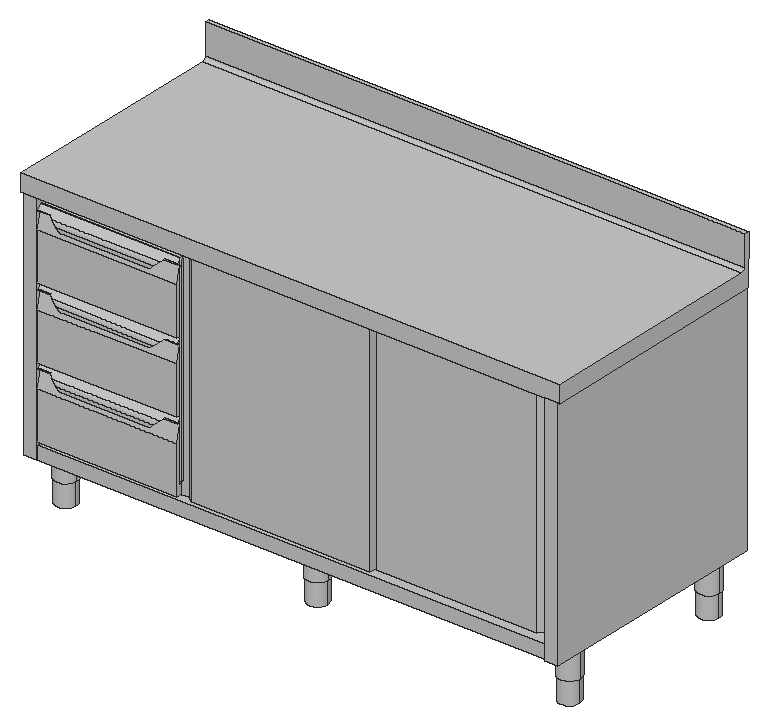
Revit family "QF_ZANUSSI_133170_NTA1610SXP", category Attrezzature speciali, Revit 2020
Family settings
  Quota connettore circolare = Usa diametro
  Tipo di parte = Normale
  Basato su piano di lavoro = No
  Sempre verticale = Sì
  Taglio con vuoti quando caricato = No
  Condiviso = No
  Punto di calcolo locali = No
Parameters (values of type "Standard")
  Weight = 70.00 kg
  Watts = 0 W
  Volts = 0 V
  URL Manufacturer = "http://www.zanussiprofessional.com"
  URL = "http://www.zanussiprofessional.com"
  Steam Supply Size = 0 mm
  Steam Supply Minimum Pressure = 0.0 Pa
  Steam Supply Maximum Pressure = 0.0 Pa
  Steam Consumption per Hour = 0
  Refrigeration Suction Line Size = 0.0 mm
  Refrigeration Liquid Line Size = 0.0 mm
  Refrigerant Compressor Remote = yes
  Prospetto di default = 0.0 mm
  Phase = 0
  Modello = "NTA1610SXP"
  Produttore = "Zanussi"
  Length Actual = 1600.0 mm  # constant formula
  Item Number = "133170"
  Hot Water Size = 0 mm
  Height Actual = 1000.0 mm  # constant formula
  HP = "0 HP"
  Gas Size = 0 mm
  Gas KW = 0
  Gas Input Pressure = 0 W
  Direct Waste Size = 0 mm
  Descrizione = "TABLE+SPLBACK3L/H DRAW 2SLID.DOORS1600MM"
  Depth Actual = 700.0 mm  # constant formula
  Cycle = 0 Hz
  Condensate Return Size = 0 mm
  Compressed Air Volume = 0.0 L/s
  Compressed Air Size = 0 mm
  Compressed Air Pressure = 0.0 Pa
  Cold Water Size = 0 mm
  Accessory = yes
Reference planes
  plane 1 "Center (Front/Back)": y = 0
  plane 2: z = 0
  plane 3 "BACK": y = 350
  plane 4 "FRONT": y = -350
  plane 5 "TOP": z = 900
  plane 6: y = 270
  plane 7: y = -247
  plane 8 "FEET": z = 150
  plane 9: y = -344.5
  plane 10 "BaseTop": z = 850
  plane 11: y = 344.5
  plane 12: z = 1000
  plane 13 "Center (Left/Right)": x = -200
  plane 14: x = 9
  plane 15 "Right": x = 600
  plane 16 "Left": x = -1000
  plane 17: x = 554
  plane 18: x = -954
  plane 19: x = 556.5
  plane 20: x = -538.5
  plane 21: x = 33.5
  plane 22: x = -15.5
  plane 23: x = 594.5
  plane 24: x = -536
  plane 25: x = -956.5
  plane 26: x = 547
  plane 27: x = -947
  plane 28: x = -994.5
Forms (mm)
  Extrusion 1, solid, material "QF_Finishes_Stainless Steel"
    sketch origin (-400, 0, 150) x (1, 0, 0) y (0, 1, 0)
      loop
        line (994.5, 350) -> (956.5, 350) -> (956.5, -350) -> (994.5, -350) -> (994.5, 350)
      loop
        line (-556.4, 350) -> (-594.5, 350) -> (-594.5, -344.5) -> (-556.4, -344.5) -> (-556.4, 350)
    from 0 to 700
  Extrusion 2, solid, material "QF_Finishes_Stainless Steel"
    sketch origin (-400, 0, 150) x (1, 0, 0) y (0, 1, 0)
      loop
        line (956.5, 347) -> (-556.5, 347) -> (-556.5, -344.5) -> (956.5, -344.5) -> (956.5, 347)
    from 0 to 40
  Extrusion 3, solid, material "QF_Finishes_Stainless Steel"
    sketch origin (-433, 0, 150) x (1, 0, 0) y (0, 1, 0)
      loop
        line (417.5, -324.5) -> (946.034, -324.5) -> (966.034, -307.5) -> (985, -307.5) -> (985, -315.812) -> (976.312, -324.5) -> (977.942, -326.129) -> (987, -317.071) -> (987, -304.5) -> (417.5, -304.5) -> (417.5, -324.5)
    from 700 to 50
  Extrusion 4, void
    sketch origin (-400, -350, 0) x (1, 0, 0) y (0, 0, -1)
      loop
        line (942.418, -247.973) -> (956.5, -229.369) -> (956.5, -191.4) -> (942.418, -191.4) -> (942.418, -247.973)
      loop
        line (942.418, -816.627) -> (942.418, -850) -> (956.5, -850) -> (956.5, -835.231) -> (942.418, -816.627)
    from 20.5 to 40.5
  Extrusion 5, solid, material "QF_Finishes_Stainless Steel"
    sketch origin (-400, 0, 150) x (1, 0, 0) y (0, 1, 0)
      loop
        line (-556.5, 350) -> (-556.5, 327) -> (956.5, 327) -> (956.5, 350) -> (-556.5, 350)
    from 700 to 40
  Extrusion 6, solid, material "QF_Finishes_Stainless Steel"
    sketch origin (9, 0, 0) x (0, 1, 0) y (0, 0, -1)
      loop
        line (-350, -900) -> (327, -900)
        arc (327, -900) -> (334.071, -902.929) -> (337, -910) r 10
        line (337, -910) -> (337, -1000) -> (350, -1000) -> (350, -850) -> (-350, -850) -> (-350, -900)
    from 1009 to -591
  Extrusion 7, solid, material "QF_Finishes_Stainless Steel"
    sketch origin (447, -20, 150) x (-1, 0, 0) y (0, -1, 0)
      loop
        line (413.5, 324.5) -> (413.5, 304.5) -> (983, 304.5) -> (983, 319.071) -> (975.942, 326.129) -> (974.312, 324.5) -> (981, 317.812) -> (981, 309.5) -> (964.034, 309.5) -> (944.034, 324.5) -> (413.5, 324.5)
    from 700 to 50
  Extrusion 8, void
    sketch origin (414, -350, 0) x (-1, 0, 0) y (0, 0, 1)
      loop
        line (940.418, 247.973) -> (940.418, 191.4) -> (952.5, 191.4) -> (952.5, 229.369) -> (940.418, 247.973)
      loop
        line (940.418, 816.627) -> (952.5, 835.231) -> (952.5, 850) -> (940.418, 850) -> (940.418, 816.627)
    from 2.49 to 20.5
  Extrusion 9, solid, material "QF_Finishes_Stainless Steel"
    sketch origin (0, 0, 850) x (-1, 0, 0) y (0, -1, 0)
      loop
        line (-556.5, 304.5) -> (-556.5, 299.5) -> (-554, 299.5) -> (-554, 304.5) -> (-556.5, 304.5)
    from 0 to -2
Cuts and joins
  Extrusion 4 cuts Extrusion 1
  Extrusion 4 cuts Extrusion 3
  Extrusion 4 cuts Extrusion 6
  Extrusion 8 cuts Extrusion 7
Lines and regions (mm)
  symbolic lines, style "SpecialityEquipment"
    curve 1: line (-1000, 350, 850) -> (600, 350, 850)
    curve 2: line (-1000, -350, 850) -> (-1000, 350, 850)
    curve 3: line (600, -350, 850) -> (-1000, -350, 850)
    curve 4: line (600, 350, 850) -> (600, -350, 850)
    curve 10: line (-1000, 337, 850) -> (600, 337, 850)
  symbolic lines, style "SpecialityEquipmentHiddenLines"
    curve 5: line (33.5, -324.5, 200) -> (33.5, -344.5, 200)
    curve 6: line (-431.5, -344.5, 850) -> (99.034, -344.5, 850)
    curve 7: line (99.034, -344.5, 850) -> (119.034, -329.5, 850)
    curve 8: line (119.034, -329.5, 850) -> (138, -329.5, 850)
    curve 9: line (138, -329.5, 850) -> (138, -324.5, 850)
    curve 11: line (554, -304.5, 850) -> (-15.5, -304.5, 850)
    curve 12: line (-15.5, -304.5, 850) -> (-15.5, -324.5, 850)
    curve 13: line (-536, -324.5, 850) -> (513.034, -324.5, 850)
    curve 14: line (513.034, -324.5, 850) -> (533.034, -309.5, 850)
    curve 15: line (533.034, -309.5, 850) -> (554, -309.5, 850)
    curve 16: line (554, -309.5, 850) -> (554, -304.5, 850)
    curve 17: line (-497.034, -344.5, 850) -> (-517.034, -329.5, 850)
    curve 18: line (-517.034, -329.5, 850) -> (-536, -329.5, 850)
    curve 19: line (-536, -329.5, 850) -> (-536, -324.5, 850)
Dimensions and locks
  plane 3 "BACK" to plane 4 "FRONT" = 700.0 mm
  equal spacing: plane 3 "BACK", plane 1 "Center (Front/Back)", plane 4 "FRONT"
  locked: plane 8 "FEET" to level at 150
  locked: plane 3 "BACK" to plane 6 at 80
  locked: plane 7 to plane 4 "FRONT" at 103
  plane 9 to plane 4 "FRONT" = 5.5 mm  (x2)
  plane 3 "BACK" to plane 11 = 5.5 mm
  plane 5 "TOP" to level = 900.0 mm
  locked: plane 12 to level at 1000
  plane 12 to plane 5 "TOP" = 100.0 mm
  plane 21 to plane 22 = 49.0 mm
  equal spacing: plane 21, plane 14, plane 22
  locked: plane 15 "Right" to plane 23 at 5.5
  locked: plane 23 to plane 19 at 38
  locked: plane 24 to plane 20 at 2.5
  equal spacing: plane 17, plane 14, plane 24
  locked: plane 17 to plane 24 at 1090
  locked: plane 15 "Right" to plane 16 "Left" at 1600
  locked: plane 26 to plane 23 at 47.5
  locked: plane 28 to plane 16 "Left" at 5.5
  locked: plane 25 to plane 28 at 38
  locked: plane 18 to plane 25 at 2.5
  locked: plane 28 to plane 27 at 47.5
  plane 15 "Right" to plane 16 "Left" = 1600.0 mm
  locked: plane 19 to plane 17 at 2.5
  aligned and locked: level to plane 2
  aligned and locked: Extrusion 1 to plane 19
  aligned and locked: plane 19 to Extrusion 2
  aligned and locked: Extrusion 3 to plane 22
  aligned and locked: nested 4 to nested 2
  aligned and locked: plane 19 to Extrusion 5
  aligned and locked: plane 15 "Right" to Extrusion 6
  aligned and locked: Extrusion 6 to plane 16 "Left"
  aligned and locked: plane 25 to Extrusion 2 sketch curve
  aligned and locked: nested 1 to plane 26
  aligned and locked: nested 3 to nested 1
  aligned and locked: nested 2 to plane 27
  aligned and locked: nested 6 to nested 5
  aligned and locked: plane 25 to Extrusion 5
  aligned and locked: curve 5 to cut or joined group of Extrusion 7, Extrusion 8
  aligned and locked: nested 7 to plane 18
Automatic sketch dimensions
  curve 5 to plane 9 = 0.0 mm
  plane 9 to curve 5 = 20.0 mm
  Extrusion 6 sketch curve to plane 4 "FRONT" = 0.0 mm
  Extrusion 6 sketch curve to plane 5 "TOP" = 0.0 mm
  Extrusion 6 sketch curve to plane 12 = 0.0 mm
  Extrusion 6 sketch curve to plane 3 "BACK" = 0.0 mm
  Extrusion 6 sketch curve to plane 10 "BaseTop" = 0.0 mm
  plane 11 to Extrusion 6 sketch curve = 17.5 mm
  plane 11 to Extrusion 6 sketch curve = 7.5 mm
  Extrusion 7 sketch curve to plane 21 = 0.0 mm
  Extrusion 7 sketch curve to plane 9 = 0.0 mm  (x2)
  Extrusion 7 sketch curve to plane 24 = 0.0 mm
  Extrusion 7 sketch curve to plane 24 = 38.966 mm
  Extrusion 7 sketch curve to plane 24 = 18.966 mm
  Extrusion 7 sketch curve to plane 24 = 8.688 mm
  Extrusion 7 sketch curve to plane 9 = 1.629 mm
  Extrusion 7 sketch curve to Extrusion 7 sketch curve = 1.629 mm
  Extrusion 7 sketch curve to plane 24 = 2.0 mm
  plane 9 to Extrusion 7 sketch curve = 15.0 mm
  Extrusion 7 sketch curve to Extrusion 7 sketch curve = 5.0 mm
  Extrusion 8 sketch curve to plane 10 "BaseTop" = 0.0 mm
  plane 20 to Extrusion 8 sketch curve = 0.0 mm  (x2)
  Extrusion 8 sketch curve to plane 24 = 9.582 mm  (x2)
  Extrusion 8 sketch curve to Extrusion 8 sketch curve = 14.769 mm
  Extrusion 8 sketch curve to Extrusion 8 sketch curve = 18.604 mm  (x2)
  plane 8 "FEET" to Extrusion 8 sketch curve = 97.973 mm
  Extrusion 8 sketch curve to Extrusion 8 sketch curve = 37.969 mm
  curve 4 to plane 3 "BACK" = 0.0 mm
  curve 4 to plane 15 "Right" = 0.0 mm
  curve 16 to plane 17 = 0.0 mm
  curve 6 to plane 9 = 0.0 mm
  curve 12 to plane 22 = 0.0 mm
  curve 17 to plane 9 = 0.0 mm
  curve 18 to plane 24 = 0.0 mm
  curve 3 to plane 4 "FRONT" = 0.0 mm
  curve 3 to plane 16 "Left" = 0.0 mm
  plane 26 to curve 14 = 13.966 mm
  curve 14 to curve 13 = 20.0 mm
  plane 9 to curve 8 = 15.0 mm
  curve 8 to plane 21 = 104.5 mm
  curve 8 to curve 8 = 18.966 mm
  curve 7 to curve 6 = 20.0 mm
  curve 18 to curve 18 = 18.966 mm
  plane 9 to curve 11 = 40.0 mm
  curve 11 to curve 16 = 5.0 mm
  plane 9 to curve 13 = 20.0 mm
  curve 13 to curve 19 = 5.0 mm
  curve 6 to curve 17 = 85.534 mm
  curve 17 to curve 17 = 20.0 mm
  curve 10 to plane 11 = 7.5 mm
  Extrusion 1 sketch curve to plane 9 = 0.0 mm
  Extrusion 1 sketch curve to plane 28 = 0.0 mm
  Extrusion 1 sketch curve to plane 3 "BACK" = 0.0 mm  (x2)
  Extrusion 1 sketch curve to plane 19 = 0.0 mm
  Extrusion 1 sketch curve to plane 4 "FRONT" = 0.0 mm
  Extrusion 1 sketch curve to plane 23 = 0.0 mm
  plane 25 to Extrusion 1 sketch curve = 0.1 mm
  Extrusion 2 sketch curve to plane 9 = 0.0 mm
  Extrusion 2 sketch curve to plane 19 = 0.0 mm
  plane 11 to Extrusion 2 sketch curve = 2.5 mm
  Extrusion 3 sketch curve to plane 22 = 0.0 mm
  Extrusion 3 sketch curve to plane 17 = 0.0 mm
  plane 26 to Extrusion 3 sketch curve = 33.966 mm
  plane 26 to Extrusion 3 sketch curve = 13.966 mm
  plane 26 to Extrusion 3 sketch curve = 3.688 mm
  plane 26 to Extrusion 3 sketch curve = 2.058 mm
  plane 17 to Extrusion 3 sketch curve = 2.0 mm
  plane 4 "FRONT" to Extrusion 3 sketch curve = 23.871 mm
  plane 9 to Extrusion 3 sketch curve = 20.0 mm
  Extrusion 3 sketch curve to Extrusion 3 sketch curve = 1.629 mm
  Extrusion 3 sketch curve to Extrusion 3 sketch curve = 8.312 mm
  Extrusion 3 sketch curve to Extrusion 3 sketch curve = 20.0 mm
  Extrusion 4 sketch curve to plane 10 "BaseTop" = 0.0 mm
  plane 19 to Extrusion 4 sketch curve = 0.0 mm  (x2)
  plane 26 to Extrusion 4 sketch curve = 4.582 mm  (x2)
  Extrusion 4 sketch curve to Extrusion 4 sketch curve = 14.769 mm
  Extrusion 4 sketch curve to Extrusion 4 sketch curve = 18.604 mm  (x2)
  plane 8 "FEET" to Extrusion 4 sketch curve = 97.973 mm
  Extrusion 4 sketch curve to Extrusion 4 sketch curve = 37.969 mm
  Extrusion 5 sketch curve to plane 3 "BACK" = 0.0 mm
  Extrusion 5 sketch curve to plane 25 = 0.0 mm
  Extrusion 5 sketch curve to plane 19 = 0.0 mm
  Extrusion 5 sketch curve to plane 11 = 17.5 mm
  Extrusion 9 sketch curve to plane 17 = 0.0 mm
  plane 19 to Extrusion 9 sketch curve = 0.0 mm
  plane 9 to Extrusion 9 sketch curve = 45.0 mm
  Extrusion 9 sketch curve to Extrusion 9 sketch curve = 5.0 mm
Nested families
  nested 1: "FEET_D60-150" at (547, -247, 0) x (-1, 0, 0) z (0, 0, 1), type "FEET_D60-150"
  nested 2: "FEET_D60-150" at (-947, -247, 0) x (-1, 0, 0) z (0, 0, 1), type "FEET_D60-150"
  nested 3: "FEET_D60-150" at (547, 270, 0) x (-1, 0, 0) z (0, 0, 1), type "FEET_D60-150"
  nested 4: "FEET_D60-150" at (-947, 270, 0) x (-1, 0, 0) z (0, 0, 1), type "FEET_D60-150"
  nested 5: "FEET_D60-150" at (-200, -247, 0) x (-1, 0, 0) z (0, 0, 1), type "FEET_D60-150"
  nested 6: "FEET_D60-150" at (-200, 270, 0) x (-1, 0, 0) z (0, 0, 1), type "FEET_D60-150"
  nested 7: "H637_600_3DRAWERS" at (-710.458, -304.5, 152) x (-1, 0, 0) z (0, -1, 0), type "H637_600_3DRAWERS"
    with Show Clearance yes
Definition of nested family "FEET_D60-150"
  Parameters
    Default Elevation = 0.0 mm
    FEET = 150.0 mm
  Reference planes
    plane 1 "Center (Front/Back)": y = 0
    plane 2: z = 0
    plane 3 "Center (Left/Right)": x = 0
    plane 4: z = 150
  Forms (mm)
    Extrusion 1, solid
      sketch origin (0, 0, 0) x (1, 0, 0) y (0, 1, 0)
        loop
          circle (0, 0) r 28
      from 0 to 67
    Revolve 2, solid
      sketch origin (0, 0, 0) x (1, 0, 0) y (0, 0, 1)
        loop
          line (0, 0) -> (0, 150) -> (-32.939, 150) -> (-32.939, 67) -> (-30, 67) -> (-30, 0) -> (0, 0)
        axis (0, 150) -> (0, 0)
      angle from 0 to 360
  Lines and regions (mm)
    symbolic lines
      curve 1: line (0, -1.503, 0) -> (0, 1.508, 0)
      curve 2: line (1.561, 0, 0) -> (-1.439, 0, 0)
  Dimensions and locks
    "FEET": plane 4 to plane 2
    aligned and locked: level to plane 2
  Automatic sketch dimensions
    plane 1 "Center (Front/Back)" to Extrusion 1 sketch curve = 0.0 mm
    Extrusion 1 sketch curve to plane 3 "Center (Left/Right)" = 0.0 mm
    plane 1 "Center (Front/Back)" to curve 2 = 0.0 mm
    curve 1 to plane 3 "Center (Left/Right)" = 0.0 mm
    curve 2 to plane 3 "Center (Left/Right)" = 1.439 mm
    plane 3 "Center (Left/Right)" to curve 2 = 1.561 mm
    plane 1 "Center (Front/Back)" to curve 1 = 1.503 mm
    curve 1 to plane 1 "Center (Front/Back)" = 1.508 mm
    Revolve 2 sketch curve to plane 4 = 0.0 mm
    Revolve 2 sketch curve to level = 0.0 mm
    Revolve 2 sketch curve to plane 3 "Center (Left/Right)" = 0.0 mm  (x2)
    Revolve 2 sketch curve to plane 3 "Center (Left/Right)" = 30.0 mm
    Revolve 2 sketch curve to plane 3 "Center (Left/Right)" = 32.939 mm
    level to Revolve 2 sketch curve = 67.0 mm
    Revolve 2 sketch curve to level = 42.207 mm
    Revolve 2 sketch curve to Revolve 2 sketch curve = 10.0 mm
    radius of Extrusion 1 sketch curve = 28.0 mm
Definition of nested family "H637_600_3DRAWERS"
  Parameters
    Width = 419.0 mm
    Show Clearance [instance] = yes
    Model = "727995"
    Height = 700.0 mm
    Default Elevation = 0.0 mm
  Reference planes
    plane 1 "Center (Front/Back)": y = 0
    plane 2: z = 0
    plane 3 "Center (Left/Right)": x = 36.042
    plane 4 "panel": z = 25
    plane 5 "Left": x = -173.458
    plane 6 "Right": x = 245.542
    plane 7: y = 700
    plane 8: z = 45
    plane 9: x = 243.542
    plane 10: x = -171.458
    plane 11: y = 676
    plane 12: y = 38
    plane 13: z = 499.734
    plane 14: y = 470
    plane 15: y = 465
    plane 16: y = 259
    plane 17: y = 254
    plane 18: y = 48
  Forms (mm)
    Extrusion 1, solid
      sketch origin (0, -919.2, 0) x (1, 0, 0) y (0, 1, 0)
        loop
          line (-980.5, 2119.2) -> (-980.5, -162.846) -> (881.94, -162.846) -> (881.94, 2119.2) -> (-980.5, 2119.2)
      from 0 to -59.546
    Extrusion 2, solid
      sketch origin (36.042, -645.693, 0) x (0, 1, 0) y (0, 0, 1)
        loop
          line (856.63, 49.734) -> (856.63, 47.734) -> (866.98, 47.734)
          arc (866.98, 47.734) -> (873.586, 46.42) -> (879.186, 42.679) r 17.261
          line (879.186, 42.679) -> (896.019, 25.845) -> (899.693, 25) -> (880.6, 44.093)
          arc (880.6, 44.093) -> (874.351, 48.268) -> (866.98, 49.734) r 19.261
          line (866.98, 49.734) -> (856.63, 49.734)
      from -207.5 to 207.5
    Extrusion 3, solid, detail levels coarse
      sketch origin (0, 0, 0) x (1, 0, 0) y (0, 0, 1)
        loop
          line (-171.458, 40) -> (243.542, 40) -> (243.542, 499.734) -> (-171.458, 499.734) -> (-171.458, 40)
      from -48 to -254
    Extrusion 4, solid
      sketch origin (36.042, -616, 0) x (0, 1, 0) y (0, 0, 1)
        loop
          line (664.4, 40) -> (664.4, 0) -> (870, 0) -> (870, 25) -> (804.797, 40) -> (664.4, 40)
      from 207.5 to -207.5
    Extrusion 5, void
      sketch origin (0, 0, 0) x (1, 0, 0) y (0, 1, 0)
        loop
          line (-99.744, 213.799) -> (-133.705, 243.322) -> (-166.458, 243.322)
          arc (-166.458, 243.322) -> (-169.994, 244.786) -> (-171.458, 248.322) r 5
          line (-171.458, 248.322) -> (-171.458, 210.937) -> (-91.403, 210.937)
          arc (-91.403, 210.937) -> (-95.762, 211.819) -> (-99.744, 213.799) r 17.035
      from 36.678 to 53.74
    Extrusion 6, void
      sketch origin (72.084, 0, 0) x (-1, 0, 0) y (0, -1, 0)
        loop
          arc (-99.744, -213.799) -> (-95.762, -211.819) -> (-91.403, -210.937) r 17.035
          line (-91.403, -210.937) -> (-171.458, -210.937) -> (-171.458, -248.322)
          arc (-171.458, -248.322) -> (-169.994, -244.786) -> (-166.458, -243.322) r 5
          line (-166.458, -243.322) -> (-133.705, -243.322) -> (-99.744, -213.799)
      from 36.678 to 53.74
    Extrusion 7, solid
      sketch origin (36.042, -434.693, 0) x (0, 1, 0) y (0, 0, 1)
        loop
          line (856.63, 49.734) -> (856.63, 47.734) -> (866.98, 47.734)
          arc (866.98, 47.734) -> (873.586, 46.42) -> (879.186, 42.679) r 17.261
          line (879.186, 42.679) -> (896.019, 25.845) -> (899.693, 25) -> (880.6, 44.093)
          arc (880.6, 44.093) -> (874.351, 48.268) -> (866.98, 49.734) r 19.261
          line (866.98, 49.734) -> (856.63, 49.734)
      from -207.5 to 207.5
    Extrusion 8, solid
      sketch origin (36.042, -405, 0) x (0, 1, 0) y (0, 0, 1)
        loop
          line (664, 40) -> (664, 0) -> (870, 0) -> (870, 25) -> (804.797, 40) -> (664, 40)
      from 207.5 to -207.5
    Extrusion 9, void
      sketch origin (0, 211, 0) x (1, 0, 0) y (0, 1, 0)
        loop
          line (-99.744, 213.799) -> (-133.705, 243.322) -> (-166.458, 243.322)
          arc (-166.458, 243.322) -> (-169.994, 244.786) -> (-171.458, 248.322) r 5
          line (-171.458, 248.322) -> (-171.458, 210.937) -> (-91.403, 210.937)
          arc (-91.403, 210.937) -> (-95.762, 211.819) -> (-99.744, 213.799) r 17.035
      from 36.678 to 53.74
    Extrusion 10, void
      sketch origin (72.084, 211, 0) x (-1, 0, 0) y (0, -1, 0)
        loop
          arc (-99.744, -213.799) -> (-95.762, -211.819) -> (-91.403, -210.937) r 17.035
          line (-91.403, -210.937) -> (-171.458, -210.937) -> (-171.458, -248.322)
          arc (-171.458, -248.322) -> (-169.994, -244.786) -> (-166.458, -243.322) r 5
          line (-166.458, -243.322) -> (-133.705, -243.322) -> (-99.744, -213.799)
      from 36.678 to 53.74
    Extrusion 11, solid
      sketch origin (36.042, -223.693, 0) x (0, 1, 0) y (0, 0, 1)
        loop
          line (856.63, 49.734) -> (856.63, 47.734) -> (866.98, 47.734)
          arc (866.98, 47.734) -> (873.586, 46.42) -> (879.186, 42.679) r 17.261
          line (879.186, 42.679) -> (896.019, 25.845) -> (899.693, 25) -> (880.6, 44.093)
          arc (880.6, 44.093) -> (874.351, 48.268) -> (866.98, 49.734) r 19.261
          line (866.98, 49.734) -> (856.63, 49.734)
      from -207.5 to 207.5
    Extrusion 12, solid
      sketch origin (36.042, -194, 0) x (0, 1, 0) y (0, 0, 1)
        loop
          line (664, 40) -> (664, 0) -> (870, 0) -> (870, 25) -> (804.797, 40) -> (664, 40)
      from 207.5 to -207.5
    Extrusion 13, void
      sketch origin (0, 422, 0) x (1, 0, 0) y (0, 1, 0)
        loop
          line (-99.744, 213.799) -> (-133.705, 243.322) -> (-166.458, 243.322)
          arc (-166.458, 243.322) -> (-169.994, 244.786) -> (-171.458, 248.322) r 5
          line (-171.458, 248.322) -> (-171.458, 210.937) -> (-91.403, 210.937)
          arc (-91.403, 210.937) -> (-95.762, 211.819) -> (-99.744, 213.799) r 17.035
      from 36.678 to 53.74
    Extrusion 14, void
      sketch origin (72.084, 422, 0) x (-1, 0, 0) y (0, -1, 0)
        loop
          arc (-99.744, -213.799) -> (-95.762, -211.819) -> (-91.403, -210.937) r 17.035
          line (-91.403, -210.937) -> (-171.458, -210.937) -> (-171.458, -248.322)
          arc (-171.458, -248.322) -> (-169.994, -244.786) -> (-166.458, -243.322) r 5
          line (-166.458, -243.322) -> (-133.705, -243.322) -> (-99.744, -213.799)
      from 36.678 to 53.74
    Extrusion 15, solid, detail levels coarse
      sketch origin (0, 0, 0) x (1, 0, 0) y (0, 0, 1)
        loop
          line (-171.458, 40) -> (243.542, 40) -> (243.542, 499.734) -> (-171.458, 499.734) -> (-171.458, 40)
      from -259 to -465
    Extrusion 16, solid, detail levels coarse
      sketch origin (0, 0, 0) x (1, 0, 0) y (0, 0, 1)
        loop
          line (-171.458, 40) -> (243.542, 40) -> (243.542, 499.734) -> (-171.458, 499.734) -> (-171.458, 40)
      from -470 to -676
  Cuts and joins
    Extrusion 5, Extrusion 6, Extrusion 9, Extrusion 10 cuts Extrusion 2
    Extrusion 5 cuts Extrusion 4
    Extrusion 9, Extrusion 10, Extrusion 13, Extrusion 14 cuts Extrusion 7
    Extrusion 13, Extrusion 14 cuts Extrusion 11
  Lines and regions (mm)
    symbolic lines
      curve 1: line (243.542, 0, 179.734) -> (243.542, 0, 199.734)
      curve 2: line (212.235, 0, 49.734) -> (-171.458, 0, 49.734)
      curve 3: spline (231.959, 0, 44.389) -> (230.421, 0, 45.265) -> (228.856, 0, 46.066) -> (227.265, 0, 46.791) -> (225.651, 0, 47.437) -> (224.017, 0, 48.005) -> (222.365, 0, 48.493) -> (220.698, 0, 48.9) -> (219.019, 0, 49.226) -> (217.331, 0, 49.471) -> (215.636, 0, 49.633) -> (213.936, 0, 49.712) -> (212.236, 0, 49.71)
      curve 4: line (238.456, 0, 40) -> (231.959, 0, 44.389)
      curve 5: line (243.542, 0, 500) -> (-171.458, 0, 500)
      curve 6: line (243.542, 0, 349.734) -> (-171.458, 0, 349.734)
      curve 7: line (243.542, 0, 199.734) -> (-171.458, 0, 199.734)
      curve 8: line (243.542, 0, 480) -> (-171.458, 0, 480)
      curve 9: line (243.542, 0, 329.734) -> (-171.458, 0, 329.734)
      curve 10: line (243.542, 0, 179.734) -> (-171.458, 0, 179.734)
      curve 11: line (-156.458, 0, 49.734) -> (-156.458, 0, 179.734)
      curve 12: line (-156.458, 0, 349.734) -> (-156.458, 0, 480)
      curve 13: line (-156.458, 0, 199.734) -> (-156.458, 0, 329.734)
      curve 14: line (228.542, 0, 49.734) -> (228.542, 0, 179.734)
      curve 15: line (228.542, 0, 349.734) -> (228.542, 0, 480)
      curve 16: line (228.542, 0, 199.734) -> (228.542, 0, 329.734)
      curve 17: line (243.542, 0, 480) -> (243.542, 0, 500)
      curve 18: line (243.542, 0, 329.734) -> (243.542, 0, 349.734)
      curve 19: line (-171.458, 0, 179.734) -> (-171.458, 0, 199.734)
      curve 20: line (-171.458, 0, 480) -> (-171.458, 0, 500)
      curve 21: line (-171.458, 0, 329.734) -> (-171.458, 0, 349.734)
  Dimensions and locks
    plane 4 "panel" to level = 25.0 mm
    "Width": plane 5 "Left" to plane 6 "Right"
    equal spacing: plane 5 "Left", plane 3 "Center (Left/Right)", plane 6 "Right"
    "Height": plane 1 "Center (Front/Back)" to plane 7
    plane 9 to plane 6 "Right" = 2.0 mm
    plane 5 "Left" to plane 10 = 2.0 mm
    plane 7 to plane 11 = 24.0 mm
    plane 1 "Center (Front/Back)" to plane 12 = 38.0 mm
    plane 10 to plane 9 = 415.0 mm
    plane 11 to plane 14 = 206.0 mm
    locked: plane 14 to plane 15 at 5
    plane 15 to plane 16 = 206.0 mm
    locked: plane 16 to plane 17 at 5
    plane 17 to plane 18 = 206.0 mm  (x2)
    plane 16 to plane 17 = 5.0 mm
    plane 14 to plane 15 = 5.0 mm
    plane 16 to plane 15 = 206.0 mm
    plane 14 to plane 11 = 206.0 mm
    aligned and locked: plane 2 to Extrusion 1
    aligned and locked: level to Extrusion 1
    aligned and locked: plane 9 to Extrusion 4
    aligned and locked: plane 10 to Extrusion 4
  Automatic sketch dimensions
    Extrusion 1 sketch curve to Extrusion 1 sketch curve = 1862.44 mm
    Extrusion 1 sketch curve to Extrusion 1 sketch curve = 2282.046 mm
    Extrusion 2 sketch curve to Extrusion 2 sketch curve = 0.0 mm  (x2)
    Extrusion 2 sketch curve to plane 4 "panel" = 0.0 mm
    Extrusion 2 sketch curve to plane 17 = 0.0 mm
    plane 4 "panel" to Extrusion 2 sketch curve = 0.845 mm
    Extrusion 2 sketch curve to plane 17 = 3.674 mm
    Extrusion 2 sketch curve to plane 8 = 0.907 mm
    Extrusion 2 sketch curve to plane 17 = 19.093 mm
    Extrusion 2 sketch curve to plane 8 = 2.321 mm
    Extrusion 2 sketch curve to Extrusion 2 sketch curve = 1.414 mm
    plane 4 "panel" to Extrusion 2 sketch curve = 5.474 mm
    Extrusion 2 sketch curve to Extrusion 2 sketch curve = 12.205 mm
    Extrusion 2 sketch curve to Extrusion 2 sketch curve = 10.351 mm
    Extrusion 4 sketch curve to level = 0.0 mm
    Extrusion 4 sketch curve to plane 4 "panel" = 0.0 mm
    Extrusion 4 sketch curve to plane 17 = 0.0 mm
    Extrusion 4 sketch curve to plane 8 = 5.0 mm
    Extrusion 4 sketch curve to plane 17 = 65.203 mm
    plane 18 to Extrusion 4 sketch curve = 0.4 mm
    Extrusion 7 sketch curve to Extrusion 7 sketch curve = 0.0 mm  (x2)
    Extrusion 7 sketch curve to plane 4 "panel" = 0.0 mm
    Extrusion 7 sketch curve to plane 15 = 0.0 mm
    plane 4 "panel" to Extrusion 7 sketch curve = 0.845 mm
    Extrusion 7 sketch curve to plane 15 = 3.674 mm
    Extrusion 7 sketch curve to plane 8 = 0.907 mm
    Extrusion 7 sketch curve to plane 15 = 19.093 mm
    Extrusion 7 sketch curve to plane 8 = 2.321 mm
    Extrusion 7 sketch curve to Extrusion 7 sketch curve = 1.414 mm
    plane 4 "panel" to Extrusion 7 sketch curve = 5.474 mm
    Extrusion 7 sketch curve to Extrusion 7 sketch curve = 12.205 mm
    Extrusion 7 sketch curve to Extrusion 7 sketch curve = 10.351 mm
    Extrusion 8 sketch curve to plane 16 = 0.0 mm
    Extrusion 8 sketch curve to plane 4 "panel" = 0.0 mm
    Extrusion 8 sketch curve to plane 15 = 0.0 mm
    Extrusion 8 sketch curve to level = 0.0 mm
    Extrusion 8 sketch curve to plane 8 = 5.0 mm
    Extrusion 8 sketch curve to plane 15 = 65.203 mm
    Extrusion 11 sketch curve to Extrusion 11 sketch curve = 0.0 mm  (x2)
    Extrusion 11 sketch curve to plane 4 "panel" = 0.0 mm
    Extrusion 11 sketch curve to plane 11 = 0.0 mm
    plane 4 "panel" to Extrusion 11 sketch curve = 0.845 mm
    Extrusion 11 sketch curve to plane 11 = 3.674 mm
    Extrusion 11 sketch curve to plane 8 = 0.907 mm
    Extrusion 11 sketch curve to plane 11 = 19.093 mm
    Extrusion 11 sketch curve to plane 8 = 2.321 mm
    Extrusion 11 sketch curve to Extrusion 11 sketch curve = 1.414 mm
    plane 4 "panel" to Extrusion 11 sketch curve = 5.474 mm
    Extrusion 11 sketch curve to Extrusion 11 sketch curve = 12.205 mm
    Extrusion 11 sketch curve to Extrusion 11 sketch curve = 10.351 mm
    Extrusion 12 sketch curve to plane 14 = 0.0 mm
    Extrusion 12 sketch curve to plane 4 "panel" = 0.0 mm
    Extrusion 12 sketch curve to plane 11 = 0.0 mm
    Extrusion 12 sketch curve to level = 0.0 mm
    Extrusion 12 sketch curve to plane 8 = 5.0 mm
    Extrusion 12 sketch curve to plane 11 = 65.203 mm
    plane 10 to curve 21 = 0.0 mm
    plane 10 to curve 20 = 0.0 mm
    plane 10 to curve 2 = 0.0 mm
    plane 10 to curve 19 = 0.0 mm
    curve 6 to plane 9 = 0.0 mm
    curve 7 to plane 9 = 0.0 mm
    curve 17 to plane 9 = 0.0 mm
    curve 4 to plane 8 = 0.611 mm
    curve 4 to plane 9 = 11.583 mm
    plane 8 to curve 19 = 134.734 mm
    curve 19 to curve 19 = 20.0 mm
    curve 1 to curve 18 = 130.0 mm
    curve 9 to curve 18 = 20.0 mm
    plane 13 to curve 17 = 19.734 mm
    curve 20 to plane 13 = 0.266 mm
    plane 8 to curve 11 = 4.734 mm
    curve 11 to plane 10 = 15.0 mm
    curve 21 to curve 12 = 15.0 mm
    curve 19 to curve 13 = 15.0 mm
    curve 2 to curve 3 = 19.723 mm
    curve 2 to curve 3 = 0.0 mm
    curve 3 to level = 1.281 mm
    curve 3 to plane 6 "Right" = 32.398 mm
    curve 15 to curve 6 = 15.0 mm
    curve 14 to curve 1 = 15.0 mm
    curve 16 to curve 1 = 15.0 mm
    curve 4 to plane 9 = 5.086 mm
    curve 4 to plane 8 = 5.0 mm
    curve 3 to curve 2 = 0.025 mm
    plane 8 to curve 14 = 4.734 mm
    plane 10 to Extrusion 3 sketch curve = 0.0 mm
    Extrusion 3 sketch curve to plane 9 = 0.0 mm
    Extrusion 3 sketch curve to plane 13 = 0.0 mm
    Extrusion 3 sketch curve to plane 8 = 5.0 mm
    Extrusion 5 sketch curve to plane 10 = 0.0 mm
    Extrusion 5 sketch curve to plane 10 = 5.0 mm
    Extrusion 5 sketch curve to plane 17 = 10.678 mm
    Extrusion 5 sketch curve to Extrusion 5 sketch curve = 32.753 mm
    Extrusion 5 sketch curve to Extrusion 5 sketch curve = 33.961 mm
    Extrusion 5 sketch curve to Extrusion 5 sketch curve = 8.34 mm
    Extrusion 5 sketch curve to Extrusion 5 sketch curve = 9.511 mm
    Extrusion 5 sketch curve to plane 17 = 26.068 mm
    Extrusion 5 sketch curve to Extrusion 5 sketch curve = 14.132 mm
    Extrusion 6 sketch curve to plane 9 = 0.0 mm
    plane 9 to Extrusion 6 sketch curve = 5.0 mm
    plane 17 to Extrusion 6 sketch curve = 10.678 mm
    Extrusion 6 sketch curve to Extrusion 6 sketch curve = 32.753 mm
    Extrusion 6 sketch curve to Extrusion 6 sketch curve = 33.961 mm
    Extrusion 6 sketch curve to Extrusion 6 sketch curve = 8.34 mm
    Extrusion 6 sketch curve to Extrusion 6 sketch curve = 1.171 mm
    plane 17 to Extrusion 6 sketch curve = 26.068 mm
    Extrusion 6 sketch curve to Extrusion 6 sketch curve = 14.132 mm
    Extrusion 9 sketch curve to plane 10 = 0.0 mm
    Extrusion 9 sketch curve to plane 10 = 5.0 mm
    Extrusion 9 sketch curve to plane 15 = 10.678 mm
    Extrusion 9 sketch curve to Extrusion 9 sketch curve = 32.753 mm
    Extrusion 9 sketch curve to Extrusion 9 sketch curve = 33.961 mm
    Extrusion 9 sketch curve to Extrusion 9 sketch curve = 8.34 mm
    Extrusion 9 sketch curve to Extrusion 9 sketch curve = 9.511 mm
    Extrusion 9 sketch curve to plane 15 = 26.068 mm
    Extrusion 9 sketch curve to Extrusion 9 sketch curve = 14.132 mm
    Extrusion 10 sketch curve to plane 9 = 0.0 mm
    plane 9 to Extrusion 10 sketch curve = 5.0 mm
    plane 15 to Extrusion 10 sketch curve = 10.678 mm
    Extrusion 10 sketch curve to Extrusion 10 sketch curve = 32.753 mm
    Extrusion 10 sketch curve to Extrusion 10 sketch curve = 33.961 mm
    Extrusion 10 sketch curve to Extrusion 10 sketch curve = 8.34 mm
    Extrusion 10 sketch curve to Extrusion 10 sketch curve = 1.171 mm
    plane 15 to Extrusion 10 sketch curve = 26.068 mm
    Extrusion 10 sketch curve to Extrusion 10 sketch curve = 14.132 mm
    Extrusion 13 sketch curve to plane 10 = 0.0 mm
    Extrusion 13 sketch curve to plane 10 = 5.0 mm
    Extrusion 13 sketch curve to plane 11 = 10.678 mm
    Extrusion 13 sketch curve to Extrusion 13 sketch curve = 32.753 mm
    Extrusion 13 sketch curve to Extrusion 13 sketch curve = 33.961 mm
    Extrusion 13 sketch curve to Extrusion 13 sketch curve = 8.34 mm
    Extrusion 13 sketch curve to Extrusion 13 sketch curve = 9.511 mm
    Extrusion 13 sketch curve to plane 11 = 26.068 mm
    Extrusion 13 sketch curve to Extrusion 13 sketch curve = 14.132 mm
    Extrusion 14 sketch curve to plane 9 = 0.0 mm
    plane 9 to Extrusion 14 sketch curve = 5.0 mm
    plane 11 to Extrusion 14 sketch curve = 10.678 mm
    Extrusion 14 sketch curve to Extrusion 14 sketch curve = 32.753 mm
    Extrusion 14 sketch curve to Extrusion 14 sketch curve = 33.961 mm
    Extrusion 14 sketch curve to Extrusion 14 sketch curve = 8.34 mm
    Extrusion 14 sketch curve to Extrusion 14 sketch curve = 1.171 mm
    plane 11 to Extrusion 14 sketch curve = 26.068 mm
    Extrusion 14 sketch curve to Extrusion 14 sketch curve = 14.132 mm
    plane 10 to Extrusion 15 sketch curve = 0.0 mm
    Extrusion 15 sketch curve to plane 9 = 0.0 mm
    Extrusion 15 sketch curve to plane 8 = 5.0 mm
    plane 13 to Extrusion 15 sketch curve = 0.0 mm
    plane 10 to Extrusion 16 sketch curve = 0.0 mm
    Extrusion 16 sketch curve to plane 9 = 0.0 mm
    Extrusion 16 sketch curve to plane 8 = 5.0 mm
    plane 8 to Extrusion 16 sketch curve = 454.734 mm
